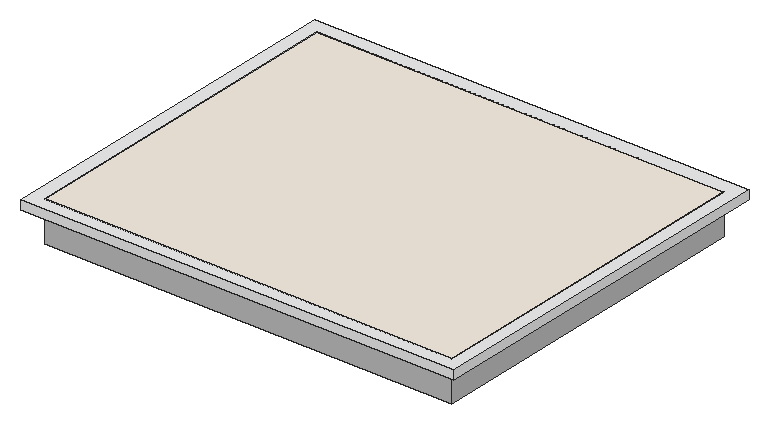
Revit family "Lighting-Industrial-GEWISS-ELIA-HL-LED_HIGHBAY", category Apparecchi per illuminazione, host Superficie, Revit 2019 (continued)
Types (12, lengths in mm): name | Weight (kg): | Weight (kg) | Voltage | Technical sheet | System power | Optic | built-in parameter 1150142 | Lumen output (lm) | Model | IDT | File diagramma fotometrico | Description
  GWF1001QL840 - ELIA HL L2 90° 4000K S.ALONE DALI | "4,3" | "4,3" | "220-240 V " | "https://www.gewiss.com/ww/en/search?q=GWF1100VC870" | "200W" | "90°" | "IESNA:LM-63-1995\r\n[TEST] HB25-120-4080-90D-H00108\r\n[DATE] 27 Nov 2019\r\n[MANUFAC] GEWISS\r\n[LUMCAT] GWF1001QL840\r\n[LUMINAIRE] ELIA HL - L2 90° LED840 200W - DALI\r\n[FLASHAREA] 0.013851\r\n[LAMPCAT] LED 200W/26900lm\r\n[LAMP] LED 200W/26900lm\r\nTILT=NONE\r\n1 26900.00 1.0 181 37 1 2 -0.270 0.000 0.000\r\n1.00 1.00 200.00\r\n0.00 0.50 1.00 1.50 2.00 2.50 3.00 3.50 4.00 4.50 5.00 \r\n5.50 6.00 6.50 7.00 7.50 8.00 8.50 9.00 9.50 10.00 10.50 \r\n11.00 11.50 12.00 12.50 13.00 13.50 14.00 14.50 15.00 \r\n15.50 16.00 16.50 17.00 17.50 18.00 18.50 19.00 19.50 \r\n20.00 20.50 21.00 21.50 22.00 22.50 23.00 23.50 24.00 \r\n24.50 25.00 25.50 26.00 26.50 27.00 27.50 28.00 28.50 \r\n29.00 29.50 30.00 30.50 31.00 31.50 32.00 32.50 33.00 \r\n33.50 34.00 34.50 35.00 35.50 36.00 36.50 37.00 37.50 \r\n38.00 38.50 39.00 39.50 40.00 40.50 41.00 41.50 42.00 \r\n42.50 43.00 43.50 44.00 44.50 45.00 45.50 46.00 46.50 \r\n47.00 47.50 48.00 48.50 49.00 49.50 50.00 50.50 51.00 \r\n51.50 52.00 52.50 53.00 53.50 54.00 54.50 55.00 55.50 \r\n56.00 56.50 57.00 57.50 58.00 58.50 59.00 59.50 60.00 \r\n60.50 61.00 61.50 62.00 62.50 63.00 63.50 64.00 64.50 \r\n65.00 65.50 66.00 66.50 67.00 67.50 68.00 68.50 69.00 \r\n69.50 70.00 70.50 71.00 71.50 72.00 72.50 73.00 73.50 \r\n74.00 74.50 75.00 75.50 76.00 76.50 77.00 77.50 78.00 \r\n78.50 79.00 79.50 80.00 80.50 81.00 81.50 82.00 82.50 \r\n83.00 83.50 84.00 84.50 85.00 85.50 86.00 86.50 87.00 \r\n87.50 88.00 88.50 89.00 89.50 90.00 \r\n0.00 2.50 5.00 7.50 10.00 12.50 15.00 17.50 20.00 22.50 \r\n25.00 27.50 30.00 32.50 35.00 37.50 40.00 42.50 45.00 \r\n47.50 50.00 52.50 55.00 57.50 60.00 62.50 65.00 67.50 \r\n70.00 72.50 75.00 77.50 80.00 82.50 85.00 87.50 90.00 \r\n13471.52 13471.52 13474.21 13479.59 13482.28 13487.66 \r\n13495.73 13501.11 13509.18 13519.94 13533.39 13544.15 \r\n13557.60 13571.05 13584.50 13597.95 13611.40 13627.54 \r\n13643.68 13659.82 13675.96 13689.41 13705.55 13719.00 \r\n13735.14 13745.90 13759.35 13770.11 13780.87 13786.25 \r\n13794.32 13797.01 13797.01 13797.01 13794.32 13788.94 \r\n13778.18 13764.73 13748.59 13732.45 13710.93 13686.72 \r\n13657.13 13624.85 13587.19 13546.84 13503.80 13458.07 \r\n13406.96 13350.47 13291.29 13226.73 13156.79 13081.47 \r\n13000.77 12912.00 12815.16 12710.25 12594.58 12465.46 \r\n12330.96 12183.01 12029.68 11862.90 11693.43 11521.27 \r\n11341.04 11147.36 10934.85 10706.20 10456.03 10178.96 \r\n9891.13 9622.13 9353.13 9081.44 8812.44 8562.27 8317.48 \r\n8078.07 7838.66 7593.87 7351.77 7128.50 6915.99 6708.86 \r\n6507.11 6318.81 6133.20 5942.21 5751.22 5570.99 5396.14 \r\n5229.36 5065.27 4906.56 4753.23 4599.90 4449.26 4306.69 \r\n4169.50 4029.62 3895.12 3766.00 3642.26 3521.21 3402.85 \r\n3287.18 3168.82 3047.77 2926.72 2805.67 2688.65 2573.25 \r\n2462.16 2358.86 2259.33 2160.07 2065.92 1982.80 1906.13 \r\n1832.43 1762.76 1698.73 1636.60 1573.38 1510.17 1447.49 \r\n1385.08 1322.40 1260.26 1199.74 1141.37 1086.49 1035.11 \r\n987.50 942.04 896.31 852.46 812.92 776.87 745.13 713.93 \r\n677.34 640.49 606.33 573.51 541.23 509.49 478.28 448.42 \r\n420.72 395.16 372.56 352.39 335.17 318.23 297.25 275.99 \r\n256.41 237.15 217.46 198.25 180.55 163.61 146.87 130.68 \r\n115.19 100.42 86.51 73.49 61.60 50.60 40.32 30.93 22.37 \r\n15.16 9.93 6.46 4.74 4.78 \r\n13471.52 13471.52 13474.21 13478.24 13482.28 13487.66 \r\n13495.73 13501.11 13509.18 13519.94 13533.39 13544.15 \r\n13557.60 13571.05 13584.50 13597.95 13612.74 13628.88 \r\n13645.02 13659.82 13675.96 13690.75 13706.89 13720.34 \r\n13735.14 13747.24 13760.69 13771.45 13780.87 13788.94 \r\n13794.32 13797.01 13799.70 13798.35 13795.66 13788.94 \r\n13780.87 13768.76 13752.62 13733.79 13712.27 13688.06 \r\n13658.47 13626.19 13589.88 13549.53 13506.49 13460.76 \r\n13409.65 13354.50 13295.32 13229.42 13159.48 13084.16 \r\n13002.11 12913.34 12817.85 12711.59 12597.27 12470.84 \r\n12334.99 12189.73 12035.06 11870.97 11700.15 11527.99 \r\n11345.07 11150.05 10938.88 10708.89 10461.41 10185.68 \r\n9901.89 9631.54 9363.89 9090.85 8821.85 8566.30 8318.82 \r\n8078.07 7840.00 7595.21 7357.15 7135.22 6924.06 6716.93 \r\n6516.52 6324.19 6133.20 5942.21 5752.56 5573.68 5400.17 \r\n5230.70 5067.96 4909.25 4755.92 4601.24 4453.30 4309.38 \r\n4169.50 4030.96 3897.81 3768.69 3643.60 3523.90 3405.54 \r\n3287.18 3171.51 3050.46 2928.06 2811.05 2692.69 2578.23 \r\n2467.40 2363.70 2264.44 2165.85 2072.64 1989.52 1912.59 \r\n1838.88 1769.48 1705.06 1642.65 1579.57 1516.62 1453.81 \r\n1391.13 1328.99 1267.66 1206.73 1148.09 1093.22 1041.70 \r\n993.55 947.42 901.02 856.76 816.55 779.70 747.28 715.27 \r\n678.82 641.97 607.81 574.85 542.57 510.97 479.76 449.77 \r\n421.93 396.37 374.04 353.87 336.38 318.90 297.92 276.53 \r\n256.41 236.80 217.00 197.84 180.12 163.22 146.62 130.59 \r\n115.27 100.63 86.71 73.68 61.72 50.68 40.40 31.02 22.43 \r\n15.20 9.96 6.48 4.76 4.79 \r\n13471.52 13471.52 13474.21 13478.24 13482.28 13487.66 \r\n13494.38 13501.11 13510.52 13519.94 13533.39 13544.15 \r\n13557.60 13569.70 13583.15 13599.29 13612.74 13628.88 \r\n13645.02 13661.16 13675.96 13692.10 13706.89 13721.69 \r\n13736.48 13748.59 13762.04 13772.80 13782.21 13790.28 \r\n13795.66 13798.35 13801.04 13799.70 13797.01 13791.63 \r\n13782.21 13771.45 13755.31 13736.48 13716.31 13690.75 \r\n13661.16 13628.88 13592.57 13552.22 13509.18 13463.45 \r\n13413.68 13357.19 13296.67 13232.11 13163.51 13086.85 \r\n13006.15 12918.72 12820.54 12715.63 12601.30 12476.22 \r\n12340.37 12196.46 12041.78 11877.69 11706.88 11533.37 \r\n11350.45 11152.74 10941.57 10714.27 10469.48 10195.10 \r\n9912.65 9643.65 9377.34 9101.61 8831.27 8571.68 8320.17 \r\n8076.72 7838.66 7595.21 7358.49 7140.60 6929.44 6722.31 \r\n6521.90 6326.88 6134.55 5942.21 5753.91 5576.37 5402.86 \r\n5233.40 5067.96 4910.60 4757.26 4602.59 4453.30 4309.38 \r\n4169.50 4033.65 3900.50 3770.03 3644.95 3523.90 3406.88 \r\n3289.87 3171.51 3051.80 2932.10 2813.74 2698.07 2583.07 \r\n2472.51 2368.81 2269.55 2171.64 2079.10 1996.11 1918.91 \r\n1845.47 1776.07 1711.24 1648.57 1585.89 1523.08 1459.86 \r\n1397.05 1335.32 1274.39 1213.59 1154.68 1099.81 1047.89 \r\n999.47 952.80 905.86 860.93 820.18 782.52 749.16 716.62 \r\n680.17 643.72 609.28 576.20 543.92 512.44 480.97 450.98 \r\n423.14 397.58 375.12 355.08 337.19 319.30 298.32 276.67 \r\n256.22 236.24 216.38 197.27 179.60 162.73 146.27 130.40 \r\n115.23 100.73 86.81 73.73 61.75 50.68 40.42 31.06 22.46 \r\n15.23 9.98 6.49 4.76 4.78 \r\n13471.52 13471.52 13474.21 13478.24 13483.62 13489.00 \r\n13494.38 13502.45 13510.52 13521.28 13532.04 13544.15 \r\n13557.60 13571.05 13584.50 13599.29 13612.74 13628.88 \r\n13645.02 13661.16 13677.30 13692.10 13708.24 13721.69 \r\n13737.83 13751.28 13763.38 13774.14 13782.21 13790.28 \r\n13797.01 13799.70 13802.39 13801.04 13799.70 13794.32 \r\n13784.90 13771.45 13758.00 13740.52 13719.00 13693.44 \r\n13665.20 13632.92 13596.60 13556.25 13514.56 13467.48 \r\n13416.37 13361.23 13302.05 13236.14 13167.55 13090.88 \r\n13008.84 12921.41 12825.92 12719.66 12605.34 12481.60 \r\n12347.10 12204.53 12049.85 11887.11 11714.95 11540.10 \r\n11355.83 11158.12 10946.95 10720.99 10476.20 10204.51 \r\n9926.10 9657.10 9389.44 9112.37 8839.34 8577.06 8322.86 \r\n8078.07 7837.31 7596.56 7361.18 7143.29 6933.47 6727.69 \r\n6525.94 6328.22 6133.20 5940.86 5755.25 5579.06 5406.90 \r\n5236.09 5070.65 4911.94 4758.61 4605.28 4453.30 4310.72 \r\n4170.85 4033.65 3901.85 3772.72 3647.64 3526.59 3405.54 \r\n3288.52 3171.51 3051.80 2933.44 2815.09 2700.76 2587.51 \r\n2477.62 2374.06 2274.39 2177.15 2085.15 2002.17 1924.96 \r\n1851.66 1782.39 1717.16 1654.22 1591.54 1529.00 1465.51 \r\n1402.57 1341.37 1280.71 1220.05 1161.00 1106.13 1054.21 \r\n1005.12 957.77 910.43 864.83 823.27 784.94 750.78 717.56 \r\n681.38 645.20 610.76 577.27 544.99 513.52 482.32 452.19 \r\n424.21 398.66 376.20 356.02 337.73 319.44 298.32 276.67 \r\n255.85 235.54 215.66 196.60 178.95 162.17 145.84 130.14 \r\n115.12 100.71 86.82 73.73 61.72 50.64 40.38 31.03 22.46 \r\n15.23 9.98 6.49 4.75 4.76 \r\n13471.52 13472.86 13474.21 13478.24 13483.62 13489.00 \r\n13494.38 13502.45 13510.52 13521.28 13532.04 13544.15 \r\n13557.60 13571.05 13584.50 13599.29 13612.74 13628.88 \r\n13645.02 13661.16 13677.30 13692.10 13708.24 13724.38 \r\n13737.83 13752.62 13763.38 13774.14 13784.90 13791.63 \r\n13797.01 13802.39 13803.73 13802.39 13801.04 13795.66 \r\n13786.25 13775.49 13760.69 13743.21 13721.69 13696.13 \r\n13667.89 13634.26 13599.29 13560.29 13518.59 13471.52 \r\n13420.41 13365.26 13306.08 13241.52 13171.58 13096.26 \r\n13015.56 12926.79 12831.30 12725.04 12612.06 12488.32 \r\n12355.17 12212.60 12059.27 11895.18 11724.36 11548.17 \r\n11362.56 11164.84 10952.33 10726.37 10485.62 10216.62 \r\n9939.55 9670.55 9401.55 9124.48 8850.10 8583.79 8325.55 \r\n8078.07 7837.31 7596.56 7362.53 7145.98 6934.82 6730.38 \r\n6528.63 6328.22 6131.85 5942.21 5756.60 5581.75 5409.59 \r\n5238.77 5071.99 4913.28 4758.61 4605.28 4454.64 4309.38 \r\n4169.50 4033.65 3901.85 3774.07 3648.99 3526.59 3406.88 \r\n3289.87 3171.51 3051.80 2933.44 2817.77 2704.79 2591.68 \r\n2482.60 2378.77 2278.97 2181.99 2090.67 2007.68 1930.48 \r\n1857.18 1788.04 1722.41 1659.06 1596.51 1534.11 1470.62 \r\n1407.54 1346.34 1286.22 1225.56 1166.79 1111.78 1059.59 \r\n1010.23 962.35 914.47 868.60 826.23 786.96 751.85 718.10 \r\n682.45 646.81 611.98 578.22 545.94 514.60 483.26 453.00 \r\n425.02 399.46 377.14 356.83 338.13 319.30 298.05 276.40 \r\n255.32 234.74 214.82 195.83 178.25 161.57 145.38 129.83 \r\n114.93 100.65 86.77 73.65 61.64 50.56 40.31 30.98 22.43 \r\n15.23 9.98 6.48 4.74 4.74 \r\n13471.52 13472.86 13474.21 13478.24 13482.28 13487.66 \r\n13494.38 13502.45 13510.52 13521.28 13532.04 13544.15 \r\n13557.60 13571.05 13585.84 13599.29 13614.09 13628.88 \r\n13645.02 13661.16 13677.30 13693.44 13708.24 13724.38 \r\n13739.17 13752.62 13766.07 13776.83 13784.90 13794.32 \r\n13799.70 13803.73 13805.08 13805.08 13802.39 13797.01 \r\n13790.28 13778.18 13763.38 13745.90 13724.38 13698.82 \r\n13670.58 13639.64 13603.33 13564.32 13521.28 13475.55 \r\n13424.44 13370.64 13311.46 13246.90 13176.96 13101.64 \r\n13020.94 12932.17 12835.33 12731.77 12617.44 12495.05 \r\n12361.89 12220.67 12068.68 11905.94 11735.12 11557.58 \r\n11370.63 11172.91 10961.75 10737.13 10496.38 10228.72 \r\n9953.00 9684.00 9413.65 9136.58 8860.86 8591.86 8329.58 \r\n8079.41 7835.97 7596.56 7365.22 7147.33 6936.16 6730.38 \r\n6528.63 6326.88 6130.51 5940.86 5757.94 5583.10 5413.63 \r\n5241.46 5073.34 4914.63 4758.61 4606.63 4454.64 4309.38 \r\n4169.50 4033.65 3903.19 3775.41 3650.33 3527.93 3406.88 \r\n3288.52 3172.86 3051.80 2933.44 2819.12 2706.14 2595.45 \r\n2487.17 2382.94 2282.87 2186.30 2095.24 2012.25 1934.92 \r\n1861.75 1792.75 1726.85 1663.23 1600.55 1538.28 1474.66 \r\n1411.58 1350.65 1290.66 1230.27 1171.63 1116.62 1064.30 \r\n1014.40 966.11 917.83 871.56 828.52 788.57 752.53 718.36 \r\n682.99 647.75 612.78 578.75 546.47 515.27 483.80 453.80 \r\n425.69 400.14 377.81 357.23 338.00 318.90 297.65 275.99 \r\n254.66 233.86 213.95 195.05 177.55 160.94 144.90 129.50 \r\n114.73 100.51 86.67 73.56 61.53 50.46 40.22 30.91 22.38 \r\n15.21 9.97 6.47 4.72 4.71 \r\n13471.52 13472.86 13474.21 13478.24 13482.28 13487.66 \r\n13494.38 13502.45 13511.87 13521.28 13532.04 13545.49 \r\n13557.60 13571.05 13585.84 13599.29 13614.09 13630.23 \r\n13646.37 13661.16 13677.30 13693.44 13709.58 13725.72 \r\n13740.52 13753.97 13766.07 13776.83 13787.59 13795.66 \r\n13801.04 13805.08 13806.42 13806.42 13805.08 13799.70 \r\n13791.63 13780.87 13766.07 13748.59 13727.07 13702.86 \r\n13674.61 13642.33 13607.36 13568.36 13525.32 13479.59 \r\n13429.82 13376.02 13315.50 13252.28 13182.34 13107.02 \r\n13026.32 12937.55 12842.06 12738.49 12625.51 12501.77 \r\n12369.96 12228.74 12078.10 11918.04 11748.57 11569.69 \r\n11381.39 11183.67 10971.16 10747.89 10507.14 10243.52 \r\n9970.48 9698.79 9428.45 9150.03 8871.62 8601.27 8337.65 \r\n8082.10 7835.97 7597.90 7367.91 7150.02 6937.51 6731.72 \r\n6528.63 6326.88 6127.82 5940.86 5759.29 5585.78 5416.31 \r\n5244.15 5073.34 4914.63 4759.95 4605.28 4454.64 4308.03 \r\n4168.15 4035.00 3904.53 3776.76 3651.67 3527.93 3406.88 \r\n3288.52 3171.51 3053.15 2934.79 2820.46 2707.49 2598.41 \r\n2491.07 2386.70 2286.10 2189.66 2098.74 2015.62 1938.14 \r\n1865.38 1796.25 1730.07 1666.05 1603.37 1541.10 1477.48 \r\n1414.27 1353.61 1293.89 1233.77 1175.26 1120.25 1067.80 \r\n1017.49 968.80 920.25 873.58 829.87 789.25 752.53 717.96 \r\n682.99 648.42 613.19 578.62 546.61 515.40 484.20 454.07 \r\n426.23 400.41 377.94 357.23 337.73 318.09 296.98 275.32 \r\n253.88 232.95 213.09 194.27 176.84 160.34 144.41 129.15 \r\n114.47 100.36 86.55 73.44 61.44 50.36 40.13 30.83 22.33 \r\n15.19 9.96 6.46 4.70 4.69 \r\n13471.52 13472.86 13474.21 13478.24 13482.28 13487.66 \r\n13494.38 13502.45 13511.87 13522.63 13533.39 13544.15 \r\n13557.60 13569.70 13584.50 13599.29 13614.09 13628.88 \r\n13645.02 13661.16 13677.30 13693.44 13708.24 13724.38 \r\n13740.52 13753.97 13766.07 13776.83 13787.59 13795.66 \r\n13801.04 13805.08 13807.77 13807.77 13805.08 13801.04 \r\n13792.97 13782.21 13768.76 13751.28 13731.10 13705.55 \r\n13677.30 13646.37 13611.40 13572.39 13530.70 13483.62 \r\n13433.86 13380.06 13322.22 13257.66 13187.72 13113.75 \r\n13031.70 12944.28 12848.78 12745.22 12633.58 12511.19 \r\n12380.72 12240.84 12090.20 11930.15 11760.68 11583.14 \r\n11396.18 11197.12 10987.30 10764.03 10524.62 10259.66 \r\n9985.28 9714.93 9440.55 9162.14 8885.07 8616.07 8349.76 \r\n8092.86 7842.69 7603.28 7371.94 7151.36 6937.51 6730.38 \r\n6525.94 6324.19 6125.13 5939.52 5760.64 5587.13 5416.31 \r\n5244.15 5076.03 4915.97 4761.30 4607.97 4457.33 4312.07 \r\n4170.85 4037.69 3907.22 3779.45 3654.36 3530.63 3409.57 \r\n3291.21 3174.20 3054.49 2934.79 2821.81 2710.17 2600.56 \r\n2493.23 2388.32 2287.04 2190.33 2099.14 2015.48 1937.47 \r\n1864.44 1795.17 1728.59 1664.44 1601.76 1539.62 1476.00 \r\n1412.92 1351.99 1292.28 1232.29 1174.05 1118.91 1065.91 \r\n1015.74 967.19 918.90 872.23 828.39 787.36 750.51 715.67 \r\n681.11 646.81 611.57 576.87 544.86 514.06 483.12 453.40 \r\n425.56 399.73 377.14 356.16 336.52 316.75 295.63 274.11 \r\n252.94 232.28 212.54 193.79 176.37 159.89 144.09 128.96 \r\n114.39 100.32 86.59 73.53 61.56 50.46 40.19 30.83 22.33 \r\n15.19 9.95 6.45 4.70 4.68 \r\n13471.52 13471.52 13474.21 13478.24 13482.28 13487.66 \r\n13494.38 13502.45 13511.87 13521.28 13532.04 13544.15 \r\n13556.25 13571.05 13583.15 13597.95 13614.09 13628.88 \r\n13645.02 13659.82 13675.96 13692.10 13708.24 13724.38 \r\n13737.83 13752.62 13764.73 13775.49 13786.25 13795.66 \r\n13801.04 13805.08 13807.77 13807.77 13805.08 13801.04 \r\n13794.32 13783.56 13771.45 13753.97 13732.45 13709.58 \r\n13681.34 13649.06 13614.09 13576.43 13534.73 13489.00 \r\n13439.24 13386.78 13326.26 13263.04 13194.45 13119.13 \r\n13038.43 12951.00 12855.51 12753.29 12641.65 12520.60 \r\n12391.48 12251.60 12102.31 11943.60 11775.47 11599.28 \r\n11412.32 11214.61 11004.79 10781.52 10542.11 10277.14 \r\n10002.76 9729.73 9455.35 9176.93 8899.86 8630.86 8365.90 \r\n8104.97 7852.11 7608.66 7375.98 7152.71 6938.85 6729.03 \r\n6524.59 6320.15 6123.78 5936.83 5759.29 5585.78 5417.66 \r\n5245.50 5077.38 4915.97 4761.30 4607.97 4460.02 4314.76 \r\n4174.88 4039.03 3908.57 3782.14 3658.40 3534.66 3412.26 \r\n3292.56 3176.89 3055.84 2936.14 2823.15 2711.52 2601.90 \r\n2494.57 2389.12 2287.04 2189.93 2098.47 2014.14 1935.45 \r\n1862.15 1792.62 1726.04 1661.61 1598.94 1536.80 1473.31 \r\n1410.23 1349.17 1289.32 1229.73 1171.63 1116.08 1062.95 \r\n1012.78 964.37 916.62 870.22 825.96 784.54 747.69 712.98 \r\n678.82 644.79 609.42 574.72 543.11 512.44 481.78 452.19 \r\n424.62 398.93 375.93 354.81 334.90 315.13 294.02 272.77 \r\n251.95 231.64 212.04 193.36 175.95 159.49 143.81 128.78 \r\n114.28 100.28 86.60 73.64 61.68 50.59 40.24 30.83 22.32 \r\n15.18 9.95 6.45 4.69 4.67 \r\n13471.52 13471.52 13474.21 13478.24 13482.28 13487.66 \r\n13494.38 13502.45 13510.52 13521.28 13530.70 13544.15 \r\n13556.25 13569.70 13583.15 13596.60 13612.74 13628.88 \r\n13645.02 13659.82 13675.96 13692.10 13708.24 13723.03 \r\n13737.83 13751.28 13764.73 13775.49 13786.25 13794.32 \r\n13801.04 13805.08 13807.77 13807.77 13807.77 13803.73 \r\n13795.66 13786.25 13772.80 13755.31 13736.48 13712.27 \r\n13684.03 13653.09 13618.12 13581.81 
